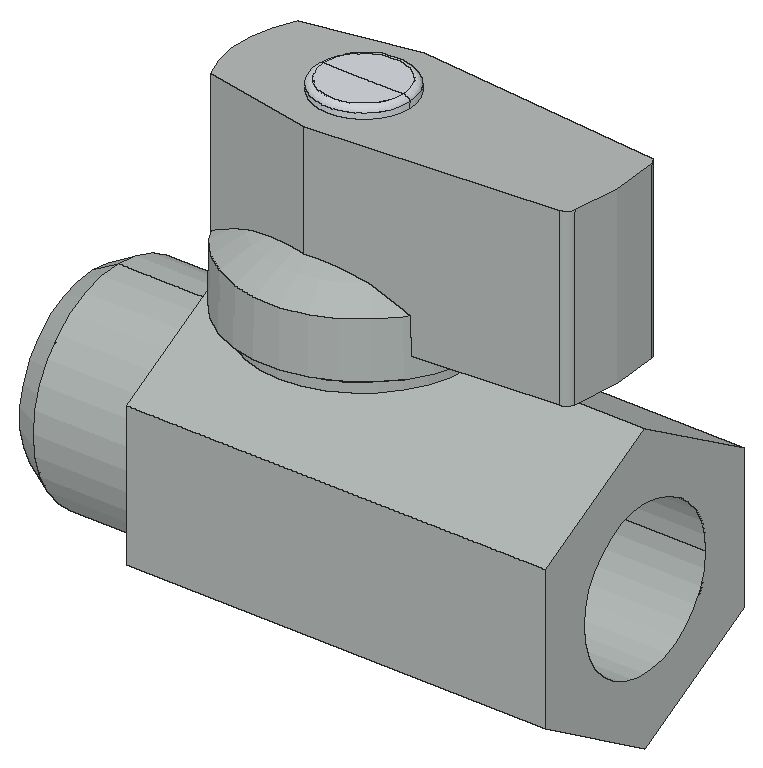
Revit family "QL10291015", category Apparecchi idraulici, Revit 2020
Family settings
  Quota connettore circolare = Usa diametro
  Tipo di parte = Normale
  Numero OmniClass = 23.45.00.00
  Titolo OmniClass = Sanitary, Laundry, and Cleaning Equipment
  Basato su piano di lavoro = No
  Sempre verticale = Sì
  Taglio con vuoti quando caricato = No
  Condiviso = No
  Punto di calcolo locali = No
Parameters
  URL = "https://web.cimberio.com/index.php/figura/1395?subcategoria_id=47"
  Temperatura di esercizio = "-20 ÷ 95°C"
  Prospetto di default = 0 mm
  Produttore = "CIMBERIO SPA"
  Pressione nominale = "PN 150"
  Modello = "Cim 012CRC"
  Materiale = "Prodotto in lega di ottone “CR” – “DZR” conforme alla norma EN 12165-CW602N-M"
  Descrizione = "Utilizzato nei più svariati settori dell'impiantistica: impianti di riscaldamento, condizionamento, idrici, igienico-sanitari e in generale con ogni fluido non corrosivo"
  DN [instance] = 15 mm
  Commenti sul tipo = "Realizzato in ottemperanza ai requisiti gestionali della norma EN ISO 9001.\r\nCollaudato al 100% secondo la normativa EN 12266-1"
Reference planes
  plane 1 "Centro (Fronte/Retro)": y = 0
  plane 2: z = 0
  plane 3 "Centro (Sinistra/Destra)": x = 0
Forms (mm)
  Extrusion 1, solid, material "Cim_Lega di ottone"
    sketch origin (0, 0, 14) x (0, 1, 0) y (0, 0, 1)
      loop
        circle (0, 0) r 7.5
      loop
        line (0, 14) -> (-12.124, 7) -> (-12.124, -7) -> (0, -14) -> (12.124, -7) -> (12.124, 7) -> (0, 14)
    from -15.043 to 25.957
  Revolve 2, solid, material "Cim_Lega di ottone"
    sketch origin (0.156, 0, -0.02) x (1, 0, 0) y (0, 0, 1)
      loop
        line (-13.65, 29.159) -> (-12.068, 28.245) -> (-12.068, 27.3) -> (-1.75, 27.3) -> (-1.75, 38.235)
        arc (-1.75, 38.235) -> (-7.968, 37.443) -> (-13.555, 34.603) r 18.326
        line (-13.555, 34.603) -> (-13.65, 29.159)
      axis (-1.75, 27.3) -> (-1.75, 38.235)
    angle from 0 to 360
  Revolve 3, solid
    sketch origin (0.186, 0, -0.001) x (1, 0, 0) y (0, 0, 1)
      loop
        line (-6.25, 48.586) -> (-6.25, 47.06) -> (-1.75, 47.06) -> (-1.75, 49.1) -> (-5.644, 49.1)
        arc (-5.644, 49.1) -> (-6.041, 48.954) -> (-6.25, 48.586) r 0.614
      axis (-1.75, 49.1) -> (-1.75, 47.06)
    angle from 0 to 360
  Extrusion 4, solid, material "Cim_Lega di ottone"
    sketch origin (0, 0, 0) x (1, 0, 0) y (0, 1, 0)
      loop
        line (-1.55, -7.358) -> (21.897, -5.374)
        arc (21.897, -5.374) -> (22.482, -5.121) -> (22.795, -4.565) r 1
        arc (22.795, -4.565) -> (23.239, 0.126) -> (22.795, 4.817) r 25
        arc (22.795, 4.817) -> (22.645, 5.184) -> (22.364, 5.464) r 1
        line (22.364, 5.464) -> (-1.549, 7.359) -> (-12.286, 5.325)
        arc (-12.286, 5.325) -> (-13.555, -0.054) -> (-12.237, -5.422) r 11.805
        line (-12.237, -5.422) -> (-1.55, -7.358)
    from 31.045 to 48.089
  Revolve 5, solid, material "Cim_Lega di ottone filetto"
    sketch origin (-0.985, 0, 0) x (1, 0, 0) y (0, 0, 1)
      loop
        line (-14.058, 24.427) -> (-24.564, 24.422) -> (-27.063, 22.977) -> (-27.063, 21.5) -> (-14.058, 21.5) -> (-14.058, 24.427)
      axis (-14.058, 14) -> (-27.063, 14)
    angle from 0 to 360
Dimensions and locks
  aligned and locked: level to plane 2
Connectors
  piping at (25.957, 0, 14), diameter 15, driven by "DN"
    settings: on Extrusion 1, index 1, connector inside diameter 609.6 mm, connector length 0 mm, flow factor 0, pipe flow 0.0 L/s, pressure drop 0.0 Pa, fitting loss kfactor 0, connector angle 0.00°, fixture units 0, engagement length 0 mm, angle of deflection 0.00°, flow configuration 0, flow direction 0, fitting loss method 0, system type 7, joint type 0, gender type 0, connector reference index -1, connector utility 0, adjustable connector no, is connector primary yes, connector description ""
  piping at (-28.048, 0, 14), diameter 15, driven by "DN"
    settings: on Revolve 5, index 2, connector inside diameter 609.6 mm, connector length 0 mm, flow factor 0, pipe flow 0.0 L/s, pressure drop 0.0 Pa, fitting loss kfactor 0, connector angle 0.00°, fixture units 0, engagement length 0 mm, angle of deflection 0.00°, flow configuration 0, flow direction 0, fitting loss method 0, system type 7, joint type 0, gender type 0, connector reference index -1, connector utility 0, adjustable connector no, is connector primary no, connector description ""
